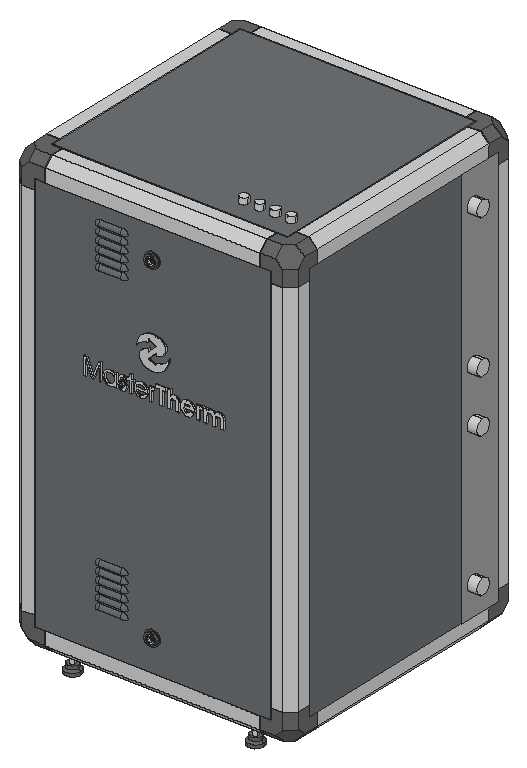
Revit family "AquaMaster-Inverter-P_RFA-2022", category Mechanické zařízení, Revit 2022 (continued)
Types (5, lengths in mm): name | URL | Model | MT_napětí (V) | MT_max. proud, vč. EK (A) | MT_hmotnost (kg) | MT_clearance top | MT_clearance right | MT_clearance left | MT_vent grille_YES | MT_pipe connector_X | MT_pipe connector offset | MT_pipe connector_Y | MT_pipe connector angle | MT_pivot offset | MT_cover top_Y | MT_cover side_Y | MT_cover side_X | MT_cover front_Y | MT_center lock_YES | MT_case height | MT_case depth | MT_angle length_Z | MT_angle length_Y | MT_TYPE | MT_EO offset_X | MT_EO diameter | MT_EI offset_X | MT_EI diameter | MT_EC6 offset_Y | MT_EC6 offset_X | MT_EC5-EC6_YES | MT_EC5 offset_Y | MT_EC5 offset_X | MT_EC4 offset_Y | MT_EC4 offset_X | MT_EC3 offset_Y | MT_EC3 offset_X | MT_EC2 offset_Y | MT_EC2 offset_X | MT_EC1 offset_Y | MT_CO offset_X | MT_CI offset_X | Komentáře k typům | Elektropřipojení | EO_kolektor – výstup | EI_kolektor – vstup
  AQ45IP | "https://www.mastertherm.cz/aquamaster-4590-inverter-p-1" | "AquaMaster 45 Inverter P" | 400 V | 25 A | 180 | 1800.00 | 400.00 | 400.00 | no | 446.00 | 486.00 | 120.00 | 0.00° | 0.00 | 636.00 | 1120.00 | 636.00 | 1120.00 | no | 1200.00 | 716.00 | 1080.00 | 596.00 | 45 | 273.00 | 35.00 | 373.00 | 35.00 | 30.00 | 421.00 | yes | 60.00 | 421.00 | 90.00 | 421.00 | 30.00 | 25.00 | 60.00 | 25.00 | 90.00 | 173.00 | 73.00 | "KOMPRESOR: BLDC Inverter; 15 – 120 rps; olej – (HAF68D1U) – 2.0 l; max. prov. proud – 24 A; VÝPARNÍK: deskový (nerez.); AISI316; průtok vody (W/W) – 2.14 kg/s; min. průtok – 1.61 kg/s; průtok směsi (B/W) – 1.04 kg/s; min. průtok – 0.63 kg/s; teplotní rozdíl – 3 K; vnitřní objem – 5.1 l; ext. tlak čerpadla – 15 m; max. příkon čerpadla – 400 W; KONDENZÁTOR: deskový (nerez.); AISI316; průtok otopné vody – 0.7 kg/s; min. průtok – 0.53 kg/s; teplotní rozdíl – 5 K; vnitřní objem – 4.1 l; ext. tlak čerpadla – 8.0 m; max. příkon čerpadla – 200 W; CHL. OKRUH: R290 (0.9 kg); EK (volitelně): není k dispozici; REGULACE: regulátor – pCO5; EEV – ano; čidlo otopné vody – ano; čidlo mix – ano (2x); čidlo TUV – ano; ext. čidlo – ano; ekviterm. reg. – ano; chladivo – 2xPT; ESI: 3x400 V; 50 Hz; max. proud – 25 A; ROZMĚRY: otopná voda, směs – 1\", 5/4\" (vnější); 120x53x72 cm; 180 kg; LIMITNÍ PROVOZNÍ PARAMETRY: max. přetlak vody – 0.25 MPa; max. přetlak chladiva – 3.1 MPa; směs min./max.: -5/+20 °C; voda min./max.: 20/75 °C" | "2xPG16; 4xPG13.5" | "5/4'' (vnější)" | "5/4'' (vnější)"
  AQ17IP | "https://www.mastertherm.cz/aquamaster-inverter-p" | "AquaMaster 17 Inverter P" | 230 V | 16 A | 75 | 1440.00 | 600.00 | 200.00 | yes | 760.00 | 800.00 | 85.00 | 90.00° | 526.00 | 446.00 | 760.00 | 446.00 | 760.00 | yes | 840.00 | 526.00 | 720.00 | 406.00 | 17 | 60.00 | 28.00 | 330.00 | 28.00 | 500.00 | 115.00 | no | 500.00 | 115.00 | 500.00 | 115.00 | 500.00 | 85.00 | 500.00 | 55.00 | 500.00 | 700.00 | 430.00 | "KOMPRESOR: BLDC Inverter; 20 – 60 rps; olej – (RFL68EP) – 0.74 l; max. prov. proud – 12 A; VÝPARNÍK: deskový (nerez.); AISI316; průtok vody (W/W) – 0.22 kg/s; min. průtok – 0.17 kg/s; průtok směsi (B/W) – 0.18 kg/s; min. průtok – 0.11 kg/s; teplotní rozdíl – 3 K; vnitřní objem – 2.0 l; ext. tlak čerpadla – 6.0 m; max. příkon čerpadla – 70 W; KONDENZÁTOR: deskový (nerez.); AISI316; průtok otopné vody – 0.12 kg/s; min. průtok – 0.06 kg/s; teplotní rozdíl – 5 K; vnitřní objem – 2.0 l; ext. tlak čerpadla – 5.0 m; max. příkon čerpadla – 70 W; CHL. OKRUH: R290 (0.152 kg); EK (volitelně): není k dispozici; REGULACE: regulátor – pCO5; EEV – ano; čidlo otopné vody – ano; čidlo mix – ano (2x); čidlo TUV – ano; ext. čidlo – ano; ekviterm. reg. – ano; chladivo – 2xPT; ESI: 1x230 V; 50 Hz; max. proud – 16 A; ROZMĚRY: otopná voda, směs – 1\", 1\" (vnější); 84x53x53 cm; 75 kg; LIMITNÍ PROVOZNÍ PARAMETRY: max. přetlak vody – 0.25 MPa; max. přetlak chladiva – 3.1 MPa; směs min./max.: -5/+20 °C; voda min./max.: 20/75 °C" | "4xPG16" | "1'' (vnější)" | "1'' (vnější)"
  AQ22IP | "https://www.mastertherm.cz/aquamaster-inverter-p" | "AquaMaster 22 Inverter P" | 230 V | 20 A | 80 | 1440.00 | 600.00 | 200.00 | yes | 760.00 | 800.00 | 85.00 | 90.00° | 526.00 | 446.00 | 760.00 | 446.00 | 760.00 | yes | 840.00 | 526.00 | 720.00 | 406.00 | 22 | 60.00 | 28.00 | 330.00 | 28.00 | 500.00 | 115.00 | no | 500.00 | 115.00 | 500.00 | 115.00 | 500.00 | 85.00 | 500.00 | 55.00 | 500.00 | 700.00 | 430.00 | "KOMPRESOR: BLDC Inverter; 20 – 90 rps; olej – (RFL68EP) – 0.74 l; max. prov. proud – 12 A; VÝPARNÍK: deskový (nerez.); AISI316; průtok vody (W/W) – 0.46 kg/s; min. průtok – 0.35 kg/s; průtok směsi (B/W) – 0.36 kg/s; min. průtok – 0.21 kg/s; teplotní rozdíl – 3 K; vnitřní objem – 2.0 l; ext. tlak čerpadla – 4.5 m; max. příkon čerpadla – 70 W; KONDENZÁTOR: deskový (nerez.); AISI316; průtok otopné vody – 0.25 kg/s; min. průtok – 0.13 kg/s; teplotní rozdíl – 5 K; vnitřní objem – 2.0 l; ext. tlak čerpadla – 7.0 m; max. příkon čerpadla – 70 W; CHL. OKRUH: R290 (0.220 kg); EK (volitelně): není k dispozici; REGULACE: regulátor – pCO5; EEV – ano; čidlo otopné vody – ano; čidlo mix – ano (2x); čidlo TUV – ano; ext. čidlo – ano; ekviterm. reg. – ano; chladivo – 2xPT; ESI: 1x230 V; 50 Hz; max. proud – 20 A; ROZMĚRY: otopná voda, směs – 1\", 1\" (vnější); 84x53x53 cm; 80 kg; LIMITNÍ PROVOZNÍ PARAMETRY: max. přetlak vody – 0.25 MPa; max. přetlak chladiva – 3.1 MPa; směs min./max.: -5/+20 °C; voda min./max.: 20/75 °C" | "4xPG16" | "1'' (vnější)" | "1'' (vnější)"
  AQ30IP | "https://www.mastertherm.cz/aquamaster-inverter-p" | "AquaMaster 30 Inverter P" | 230 V | 25 A | 165 | 1800.00 | 400.00 | 400.00 | no | 446.00 | 486.00 | 120.00 | 0.00° | 0.00 | 636.00 | 1120.00 | 636.00 | 1120.00 | no | 1200.00 | 716.00 | 1080.00 | 596.00 | 30 | 273.00 | 28.00 | 373.00 | 28.00 | 30.00 | 421.00 | yes | 60.00 | 421.00 | 90.00 | 421.00 | 30.00 | 25.00 | 60.00 | 25.00 | 90.00 | 173.00 | 73.00 | "KOMPRESOR: BLDC Inverter; 15 – 110 rps; olej – (PZ68S) – 0.75 l; max. prov. proud – ; VÝPARNÍK: deskový (nerez.); AISI316; průtok vody (W/W) – 0.99 kg/s; min. průtok – 0.74 kg/s; průtok směsi (B/W) – 0.48 kg/s; min. průtok – 0.29 kg/s; teplotní rozdíl – 3 K; vnitřní objem – 3.8 l; ext. tlak čerpadla – 5.5 m; max. příkon čerpadla – 70 W; KONDENZÁTOR: deskový (nerez.); AISI316; průtok otopné vody – 0.37 kg/s; min. průtok – 0.25 kg/s; teplotní rozdíl – 5 K; vnitřní objem – 4.0 l; ext. tlak čerpadla – 6.5 m; max. příkon čerpadla – 70 W; CHL. OKRUH: R290 (0.7 kg); EK (volitelně): není k dispozici; REGULACE: regulátor – pCO5; EEV – ano; čidlo otopné vody – ano; čidlo mix – ano (2x); čidlo TUV – ano; ext. čidlo – ano; ekviterm. reg. – ano; chladivo – 2xPT; ESI: 1x230 V; 50 Hz; max. proud – 25 A; ROZMĚRY: otopná voda, směs – 1\", 1\" (vnější); 120x56x72 cm; 165 kg; LIMITNÍ PROVOZNÍ PARAMETRY: max. přetlak vody – 0.25 MPa; max. přetlak chladiva – 2.9 MPa; směs min./max.: -5/+20 °C; voda min./max.: 20/75 °C" | "2xPG16; 4xPG13.5" | "1'' (vnější)" | "1'' (vnější)"
  AQ37IP | "https://www.mastertherm.cz/aquamaster-inverter-p" | "AquaMaster 37 Inverter P" | 400 V | 20 A | 180 | 1800.00 | 400.00 | 400.00 | no | 446.00 | 486.00 | 120.00 | 0.00° | 0.00 | 636.00 | 1120.00 | 636.00 | 1120.00 | no | 1200.00 | 716.00 | 1080.00 | 596.00 | 37 | 273.00 | 28.00 | 373.00 | 28.00 | 30.00 | 421.00 | yes | 60.00 | 421.00 | 90.00 | 421.00 | 30.00 | 25.00 | 60.00 | 25.00 | 90.00 | 173.00 | 73.00 | "KOMPRESOR: BLDC Inverter; 15 – 100 rps; olej – (PZ68S) – 0.9 l; max. prov. proud – ; VÝPARNÍK: deskový (nerez.); AISI316; průtok vody (W/W) – 1.54 kg/s; min. průtok – 1.16 kg/s; průtok směsi (B/W) – 0.77 kg/s; min. průtok – 0.46 kg/s; teplotní rozdíl – 3 K; vnitřní objem – 3.8 l; ext. tlak čerpadla – 7.5 m; max. příkon čerpadla – 200 W; KONDENZÁTOR: deskový (nerez.); AISI316; průtok otopné vody – 0.6 kg/s; min. průtok – 0.4 kg/s; teplotní rozdíl – 5 K; vnitřní objem – 4.0 l; ext. tlak čerpadla – 4.5 m; max. příkon čerpadla – 70 W; CHL. OKRUH: R290 (0.9 kg); EK (volitelně): není k dispozici; REGULACE: regulátor – pCO5; EEV – ano; čidlo otopné vody – ano; čidlo mix – ano (2x); čidlo TUV – ano; ext. čidlo – ano; ekviterm. reg. – ano; chladivo – 2xPT; ESI: 3x400 V; 50 Hz; max. proud – 20 A; ROZMĚRY: otopná voda, směs – 1\", 1\" (vnější); 120x56x72 cm; 180 kg; LIMITNÍ PROVOZNÍ PARAMETRY: max. přetlak vody – 0.25 MPa; max. přetlak chladiva – 2.9 MPa; směs min./max.: -5/+20 °C; voda min./max.: 20/75 °C" | "2xPG16; 4xPG13.5" | "1'' (vnější)" | "1'' (vnější)"
